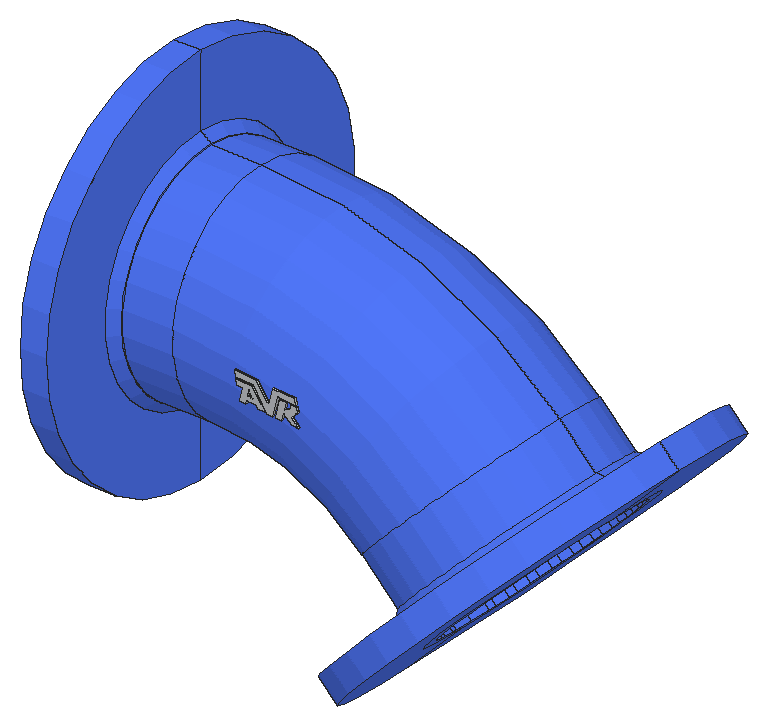
Revit family "712-0065-04-201-DN150", category Pipe Fittings, Revit 2019
Family settings
  Round Connector Dimension = Use Diameter
  Part Type = Elbow
  Work Plane-Based = No
  Always vertical = Yes
  Cut with Voids When Loaded = No
  Shared = No
Parameters (values of type "DN150_PN10/16")
  Search_Table = "712-0420-001-DN40-300"
  Rf_Dia = size_lookup(Search_Table, "Rf_Dia", 0 mm, [Nominal Diameter(DN)]) / 2  # 105.5 mm
  RF_Thick = size_lookup(Search_Table, "Rf_Thickness", 0 mm, [Nominal Diameter(DN)])  # 4 mm
  L_Ref = size_lookup(Search_Table, "L_Ref", 0 mm, [Nominal Diameter(DN)])  # 100 mm
  L = size_lookup(Search_Table, "L", 0 mm, [Nominal Diameter(DN)])  # 160 mm
  ID(Radius) = [Nominal Diameter(DN)] / 2  # 75 mm
  Flange_thickness = size_lookup(Search_Table, "Flange_thickness", 0 mm, [Nominal Diameter(DN)])  # 20 mm
  Nominal Diameter(DN) = 150 mm
  FOD = size_lookup(Search_Table, "FOD", 0 mm, [Nominal Diameter(DN)]) / 2  # 142.5 mm
  URL product pages = "https://www.avkvalves.com/P.aspx?no=712004043201"
  Description_ = "AVK FLANGED PIPE W/LOOSE FLANGES"
  DN150_PN10/16 = yes
  DN 150_PN10/16 = "712-0150-04-201"
  Body_wallthickness = 15 mm + [Nominal Diameter(DN)]  # 165 mm
Reference planes
  plane 1 "Center (Front/Back)": y = 0
  plane 2: z = 0
  plane 3 "Center (Left/Right)": x = 0
  plane 4: through (229.785, -1524, -156.487) normal (-0.7071, 0, 0.7071)
  plane 5: x = 160
  plane 6: through (129.519, -1524, -30.479) normal (-0.7071, 0, 0.7071)
  plane 7: z = 0
  plane 8: through (171.022, -1524, -11.026) normal (0.7071, 0, 0.7071)
Forms (mm)
  Sweep 1, solid, material "Plastic", visible <- "DN150_PN10/16"
    path origin (0, 0, -191.06) x (1, 0, 0) y (0, 0, 1)
      loop
        line (0, 191.06) -> (64.727, 191.06)
        arc (64.727, 191.06) -> (152.744, 173.552) -> (227.361, 123.694) r 230
        line (227.361, 123.694) -> (273.134, 77.921)
    profile origin (32.363, 0, 0) x (0, 0, 1) y (0, -1, 0)
      loop
        circle (0, 0) r 82.5
  Sweep 2, void
    path origin (0, 0, -191.06) x (1, 0, 0) y (0, 0, 1)
      loop
        line (0, 191.06) -> (64.727, 191.06)
        arc (64.727, 191.06) -> (152.744, 173.552) -> (227.361, 123.694) r 230
        line (227.361, 123.694) -> (273.134, 77.921)
    profile origin (32.363, 0, 0) x (0, 0, 1) y (0, -1, 0)
      loop
        circle (0, 0) r 75
  Revolve 3, solid, material "Plastic", visible <- "DN150_PN10/16"
    sketch origin (0, 0, -191.06) x (1, 0, 0) y (0, 0, 1)
      loop
        line (0, 266.06) -> (20, 266.06) -> (20, 333.56) -> (0, 333.56) -> (0, 266.06)
      axis (0, 191.06) -> (20, 191.06)
    angle from 0 to 360
  Revolve 4, solid, material "Plastic", visible <- "DN150_PN10/16"
    sketch origin (0, 0, -191.06) x (1, 0, 0) y (0, 0, 1)
      loop
        line (326.167, 130.954) -> (373.897, 178.684) -> (359.755, 192.826) -> (312.025, 145.097) -> (326.167, 130.954)
      axis (258.992, 92.064) -> (273.134, 77.921)
    angle from 0 to 360
  Revolve 5, solid, material "Plastic", visible <- "DN150_PN10/16"
    sketch origin (0, 0, -191.06) x (1, 0, 0) y (0, 0, 1)
      loop
        line (20, 191.06) -> (27.071, 191.06) -> (27.071, 273.669) -> (20, 280.74) -> (20, 191.06)
      axis (20, 191.06) -> (27.071, 191.06)
    angle from 0 to 360
  Revolve 6, solid, material "Plastic", visible <- "DN150_PN10/16"
    sketch origin (0, 0, -191.06) x (1, 0, 0) y (0, 0, 1)
      loop
        line (312.681, 155.674) -> (254.031, 97.024) -> (258.992, 92.064) -> (322.602, 155.674) -> (312.681, 155.674)
      axis (258.992, 92.064) -> (254.031, 97.024)
    angle from 0 to 360
  Extrusion 7, solid, material "Plastic", visible <- "DN150_PN10/16"
    sketch origin (-3.923, 0, -173.067) x (1, 0, 0) y (0, 0, 1)
      loop
        line (118.923, 92.007) -> (118.923, 62.007)
        arc (118.923, 62.007) -> (131.423, 49.507) -> (143.923, 62.007) r 12.5
        line (143.923, 62.007) -> (143.923, 92.007) -> (118.923, 92.007)
      loop
        circle (131.423, 62.007) r 7.035
    from -3.416 to 3.416
Cuts and joins
  Sweep 2 cuts Sweep 1
Dimensions and locks
  "L": plane 5 to plane 3 "Center (Left/Right)"
  "L": plane 6 to plane 4
  "ID(Radius)": Revolve 3 sketch curve to plane 7
  "FOD": Revolve 3 sketch curve to plane 7
  "Flange_thickness": Revolve 3 sketch curve to plane 3 "Center (Left/Right)"
  "FOD": Revolve 4 sketch curve to plane 8
  "ID(Radius)": Revolve 4 sketch curve to plane 8
  "Flange_thickness": Revolve 4 sketch curve to plane 4
  equal spacing: Extrusion 7, plane 1 "Center (Front/Back)", Extrusion 7
  locked: Revolve 3 to Revolve 5 sketch curve at 7.071
  locked: Revolve 6 sketch curve to Revolve 4 at 7.015
  "Body_wallthickness": diameter of Sweep 1 sketch curve
  "Nominal Diameter(DN)": diameter of Sweep 2 sketch curve
  locked: plane 4 to plane 3 "Center (Left/Right)" (angle 45.00°)
  locked: Revolve 3 to Revolve 5 sketch curve (angle 45.00°)
  locked: Revolve 6 sketch curve to Revolve 4 (angle 45.00°)
  aligned and locked: level to plane 2
  aligned and locked: Revolve 3 sketch curve to plane 3 "Center (Left/Right)"
  aligned and locked: plane 3 "Center (Left/Right)" to Revolve 3 sketch curve
  aligned and locked: Revolve 4 sketch curve to plane 8
  aligned and locked: Revolve 5 sketch curve to Revolve 3
  aligned and locked: Revolve 5 sketch curve to plane 7
  aligned and locked: plane 7 to Revolve 5 sketch curve
  aligned and locked: Revolve 6 sketch curve to plane 8  (x2)
  aligned and locked: Revolve 4 to Revolve 6 sketch curve
  aligned and locked: Revolve 6 sketch curve to Revolve 6 sketch curve
Automatic sketch dimensions
  Extrusion 7 sketch curve to Extrusion 7 sketch curve = 0 mm  (x2)
  plane 5 to Extrusion 7 sketch curve = 45 mm
  Extrusion 7 sketch curve to Extrusion 7 sketch curve = 12.5 mm
  Extrusion 7 sketch curve to level = 111.06 mm
  Extrusion 7 sketch curve to Extrusion 7 sketch curve = 30 mm
  Revolve 5 sketch curve to plane 7 = 82.609 mm
  plane 3 "Center (Left/Right)" to Revolve 5 sketch curve = 5 mm
  Revolve 5 sketch curve to Revolve 5 sketch curve = 25.929 mm
  plane 7 to Revolve 6 sketch curve = 35.386 mm
  Revolve 6 sketch curve to level = 126.064 mm
  Revolve 6 sketch curve to level = 143.742 mm
  Sweep 1 sketch curve to plane 3 "Center (Left/Right)" = 0 mm
  Sweep 1 sketch curve to plane 7 = 0 mm
  Sweep 1 sketch curve to plane 8 = 0 mm
  plane 4 to Sweep 1 sketch curve = 0 mm
  plane 8 to Sweep 1 sketch curve = 0 mm
  plane 3 "Center (Left/Right)" to Sweep 1 sketch curve = 64.727 mm
  Sweep 1 sketch curve to Sweep 1 sketch curve = 45.773 mm
  Sweep 2 sketch curve to plane 3 "Center (Left/Right)" = 0 mm
  Sweep 2 sketch curve to plane 7 = 0 mm
  Sweep 2 sketch curve to plane 8 = 0 mm
  plane 4 to Sweep 2 sketch curve = 0 mm
  plane 8 to Sweep 2 sketch curve = 0 mm
  Sweep 2 sketch curve to level = 230 mm
  Sweep 2 sketch curve to plane 5 = 67.361 mm
  Sweep 1 sketch curve to plane 1 "Center (Front/Back)" = 0 mm
  profile plane to Sweep 1 sketch curve = 0 mm
  Sweep 2 sketch curve to plane 1 "Center (Front/Back)" = 0 mm
  profile plane to Sweep 2 sketch curve = 0 mm
  Revolve 3 sketch curve to level = 0 mm
  plane 3 "Center (Left/Right)" to Revolve 3 sketch curve = 30 mm
  plane 4 to Revolve 4 sketch curve = 0 mm  (x2)
  Revolve 4 sketch curve to Revolve 4 sketch curve = 12.926 mm
  radius of Extrusion 7 sketch curve = 7.035 mm
Nested families
  nested 1: "LOGO - Copy - Copy" at (138.1, -80.275, -32.201) x (0.9968, -0.0783, -0.0174) z (-0.0802, -0.973, -0.2163), type "LOGO - Copy - Copy"
Connectors
  piping at (0, 0, 0), diameter 150, driven by "Nominal Diameter(DN)"
    settings: on Revolve 3, index 1, connector inside diameter 609.6 mm, connector length 0 mm, flow factor 0, pipe flow 0.0 L/s, pressure drop 0.0 Pa, fitting loss kfactor 0, connector angle 0.00°, fixture units 0, engagement length 0 mm, angle of deflection 0.00°, flow configuration 0, flow direction 0, fitting loss method 0, system type 7, joint type 0, gender type 0, connector reference index -1, connector utility 0, adjustable connector no, is connector primary yes, connector description ""
  piping at (273.134, 0, -113.138), diameter 150, driven by "Nominal Diameter(DN)"
    settings: on Revolve 4, index 2, connector inside diameter 609.6 mm, connector length 0 mm, flow factor 0, pipe flow 0.0 L/s, pressure drop 0.0 Pa, fitting loss kfactor 0, connector angle 0.00°, fixture units 0, engagement length 0 mm, angle of deflection 0.00°, flow configuration 0, flow direction 0, fitting loss method 0, system type 7, joint type 0, gender type 0, connector reference index -1, connector utility 0, adjustable connector no, is connector primary no, connector description ""
Definition of nested family "LOGO - Copy - Copy"
  Parameters (values of type "LOGO - Copy - Copy")
    Default Elevation = 1219.2 mm
  Reference planes
    plane 1 "Center (Front/Back)": y = 0
    plane 2: z = 0
    plane 3 "Center (Left/Right)": x = 0
  Forms (mm)
    Extrusion 1, solid
      sketch origin (0, 0, 0) x (1, 0, 0) y (0, 1, 0)
        loop
          line (-1219.2, 1219.2) -> (-1219.2, -1219.2) -> (1219.2, -1219.2) -> (1219.2, 1219.2) -> (-1219.2, 1219.2)
      from 0 to -304.8
    Extrusion 2, solid
      sketch origin (0, 0, 0) x (1, 0, 0) y (0, 1, 0)
        loop
          line (-6.514, 34.224) -> (-24, 34.224) -> (-24, 29.481) -> (-9.766, 29.481) -> (-2.391, 11.367) -> (2.391, 11.367) -> (9.766, 29.481) -> (24, 29.481) -> (24, 34.224) -> (6.514, 34.224) -> (0, 18.224) -> (-6.514, 34.224)
        loop
          line (-10.996, 27.653) -> (-24, 27.653) -> (-24, 23.081) -> (-19.503, 23.081) -> (-24, 11.367) -> (-18.92, 11.367) -> (-17.955, 13.881) -> (-10.51, 13.881) -> (-9.486, 11.367) -> (-4.365, 11.367) -> (-10.996, 27.653)
        loop
          line (-16.777, 18.224) -> (-12.278, 18.224) -> (-14.594, 23.912) -> (-16.777, 18.224)
        loop
          line (4.365, 11.367) -> (9.486, 11.367) -> (12.093, 17.77) -> (16.918, 11.367) -> (22.857, 11.367) -> (17.399, 18.61)
          arc (17.399, 18.61) -> (20.583, 20.18) -> (22.629, 23.081) r 7.2
          line (22.629, 23.081) -> (24, 23.081) -> (24, 27.653) -> (19.429, 27.653)
          arc (19.429, 27.653) -> (17.763, 23.526) -> (13.699, 21.714) r 5.943
          line (13.699, 21.714) -> (16.117, 27.653) -> (10.996, 27.653) -> (4.365, 11.367)
      from 0 to 1
  Dimensions and locks
    aligned and locked: plane 2 to Extrusion 1
    aligned and locked: level to Extrusion 1
    aligned and locked: Extrusion 2 sketch curve to import instance
